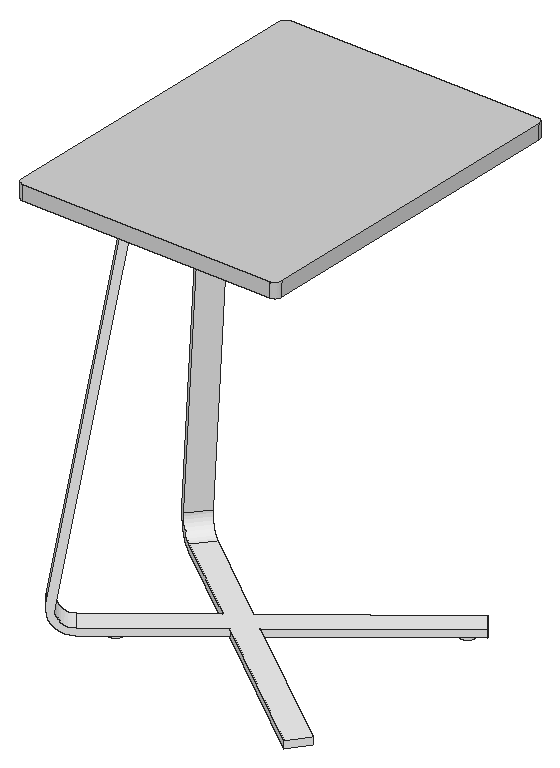
Revit family
Parameters
  Width = 1' - 4"  # constant formula
  URL = "http://elanbydecca.com/"
  Top [instance] = Furniture - DECCA (Elan) - Float - Top
  Base [instance] = Furniture - DECCA (Elan) - Float - Base
  Product URL = "http://elanbydecca.com/PDFs/elan_tearsheet-float.pdf"
  Model = "FT ST120"
  Manufacturer = "Decca Contract"
  Height = 2' - 0"  # constant formula
  Description = "Float Side Table"
  Depth = 1' - 6"  # constant formula
  Assembly Description = "Furniture & Accessories"
  Assembly Code = "E2020200"
Reference planes (in)
  plane 1 "Center Front/Back": y = -0.7524
  plane 2: z = 0
  plane 3 "Center Left/Right": x = 0
  plane 4 "L": x = -8
  plane 5 "R": x = 8
  plane 6 "F": y = -9.7524
  plane 7: y = 8.2476
  plane 8: through (-6.25338, 2.33237, 23.38953) normal (0.4297, -0.4297, 0.7941)
  plane 9 "ST": z = 24
  plane 10: z = 0.25
  plane 11: z = 23.25
  plane 12: x = -6
  plane 13: z = 23.25
  plane 14: z = 23.25
Forms (in)
  Extrusion 1, solid, material "Furniture - DECCA (Elan) - Float - Base" <- "Base"
    sketch origin (-1.76081, 2.78947, 0) x (0.788011, 0.615661, 0) y (0, 0, 1)
      loop
        arc (-9.84309, 1.71542) -> (-9.56881, 0.69588) -> (-8.61179, 0.25) r 1.25
        line (-8.61179, 0.25) -> (8.68826, 0.25) -> (8.68826, 0.625) -> (-8.61179, 0.625)
        arc (-8.61179, 0.625) -> (-9.2817, 0.93711) -> (-9.4737, 1.6508) r 0.875
        line (-9.4737, 1.6508) -> (-5.6948, 23.25) -> (-6.0755, 23.25) -> (-9.84309, 1.71542)
    from 2.57755 to 3.82755
  Extrusion 2, solid, material "Furniture - DECCA (Elan) - Float - Base" <- "Base"
    sketch origin (-1.76081, -4.29427, 0) x (0.788011, -0.615661, 0) y (0, 0, -1)
      loop
        line (-9.84309, -1.71542) -> (-6.0755, -23.25) -> (-5.6948, -23.25) -> (-9.4737, -1.6508)
        arc (-9.4737, -1.6508) -> (-9.2817, -0.93711) -> (-8.61179, -0.625) r 0.875
        line (-8.61179, -0.625) -> (8.68826, -0.625) -> (8.68826, -0.25) -> (-8.61179, -0.25)
        arc (-8.61179, -0.25) -> (-9.56881, -0.69588) -> (-9.84309, -1.71542) r 1.25
    from 2.57755 to 3.82755
  Extrusion 3, solid, material "Furniture - DECCA (Elan) - Float - Base" <- "Base"
    sketch origin (0, 0, 24) x (-1, 0, 0) y (0, -1, 0)
      loop
        circle (5.24387, -2.49109) r 0.375
      loop
        circle (-6.39473, -5.09719) r 0.375
      loop
        circle (5.24387, 3.99589) r 0.375
      loop
        circle (-6.39473, 6.60199) r 0.375
    from -24 to -23.75
  Extrusion 4, solid, material "Furniture - DECCA (Elan) - Float - Top" <- "Top"
    sketch origin (0, 0, 24) x (-1, 0, 0) y (0, -1, 0)
      loop
        arc (5.625, -8.2476) -> (5.89017, -8.13777) -> (6, -7.8726) r 0.375
        line (6, -7.8726) -> (6, 9.3774)
        arc (6, 9.3774) -> (5.89017, 9.64256) -> (5.625, 9.7524) r 0.375
        line (5.625, 9.7524) -> (-7.625, 9.7524)
        arc (-7.625, 9.7524) -> (-7.89017, 9.64256) -> (-8, 9.3774) r 0.375
        line (-8, 9.3774) -> (-8, -7.8726)
        arc (-8, -7.8726) -> (-7.89017, -8.13777) -> (-7.625, -8.2476) r 0.375
        line (-7.625, -8.2476) -> (5.625, -8.2476)
    from -0.75 to 0
Cuts and joins
  joined: Extrusion 1, Extrusion 2, Extrusion 3
Dimensions and locks (in)
  equal spacing: plane 4 "L", plane 3 "Center Left/Right", plane 5 "R"
  equal spacing: plane 7, plane 1 "Center Front/Back", plane 6 "F"
  "Width": plane 4 "L" to plane 5 "R"
  "Depth": plane 7 to plane 6 "F"
  "Height": plane 9 "ST" to level
  locked: plane 9 "ST" to plane 11 at 0.75
  plane 4 "L" to plane 5 "R" = 1' - 4"
  plane 7 to plane 6 "F" = 1' - 6"
  locked: plane 4 "L" to plane 12 at 2
  aligned and locked: plane 13 to Extrusion 1 sketch curve
  aligned and locked: Extrusion 2 sketch curve to plane 14
  aligned and locked: Extrusion 3 to level
  aligned and locked: plane 10 to Extrusion 3
  aligned and locked: Extrusion 4 sketch curve to plane 7
  aligned and locked: Extrusion 4 sketch curve to plane 12
  aligned and locked: plane 5 "R" to Extrusion 4 sketch curve
  aligned and locked: Extrusion 4 sketch curve to plane 6 "F"
  aligned and locked: Extrusion 4 to plane 11
  aligned and locked: plane 9 "ST" to Extrusion 4
Automatic sketch dimensions
  Extrusion 1 sketch curve to Extrusion 1 sketch curve = 0' - 0"  (x2)
  Extrusion 1 sketch curve to plane 10 = 0' - 0"
  plane 10 to Extrusion 1 sketch curve = 0' - 1.46542"
  Extrusion 1 sketch curve to Extrusion 1 sketch curve = 0' - 0.36939"
  Extrusion 1 sketch curve to Extrusion 1 sketch curve = 0' - 0.86191"
  Extrusion 1 sketch curve to Extrusion 1 sketch curve = 0' - 3.76759"
  Extrusion 1 sketch curve to Extrusion 1 sketch curve = 0' - 0.3807"
  Extrusion 1 sketch curve to Extrusion 1 sketch curve = 1' - 5.30005"
  Extrusion 1 sketch curve to Extrusion 1 sketch curve = 0' - 0 3/8"
  Extrusion 2 sketch curve to Extrusion 2 sketch curve = 0' - 0"  (x2)
  plane 10 to Extrusion 2 sketch curve = 0' - 0"
  plane 10 to Extrusion 2 sketch curve = 0' - 1.46542"
  Extrusion 2 sketch curve to Extrusion 2 sketch curve = 0' - 0.36939"
  Extrusion 2 sketch curve to Extrusion 2 sketch curve = 0' - 0.86191"
  Extrusion 2 sketch curve to Extrusion 2 sketch curve = 0' - 3.76759"
  Extrusion 2 sketch curve to Extrusion 2 sketch curve = 0' - 0.3807"
  Extrusion 2 sketch curve to Extrusion 2 sketch curve = 1' - 5.30005"
  Extrusion 2 sketch curve to Extrusion 2 sketch curve = 0' - 0.06463"
  plane 5 "R" to Extrusion 3 sketch curve = 0' - 1.60527"  (x2)
  plane 12 to Extrusion 3 sketch curve = 0' - 0.75613"  (x2)
  Extrusion 3 sketch curve to plane 7 = 0' - 3.15041"
  Extrusion 3 sketch curve to plane 1 "Center Front/Back" = 0' - 3.24349"
  plane 1 "Center Front/Back" to Extrusion 3 sketch curve = 0' - 3.24349"
  plane 6 "F" to Extrusion 3 sketch curve = 0' - 3.15041"
  plane 5 "R" to Extrusion 4 sketch curve = 0' - 0 3/8"  (x2)
  plane 6 "F" to Extrusion 4 sketch curve = 0' - 0 3/8"
  plane 12 to Extrusion 4 sketch curve = 0' - 0 3/8"
  radius of Extrusion 3 sketch curve = 0' - 0 3/8"  (x4)
